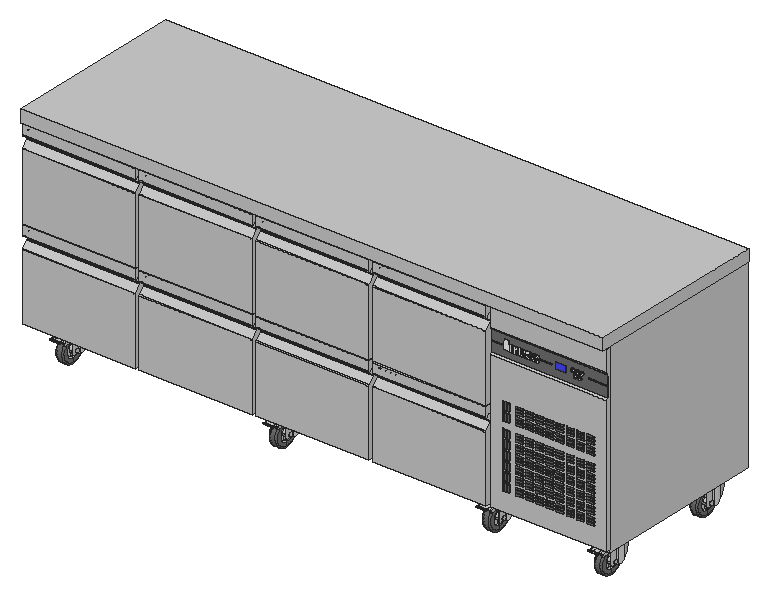
Revit family "QF_INOMAK_PNRP9999_250513010757", category Specialty Equipment, Revit 2021
Family settings
  Round Connector Dimension = Use Diameter
  Part Type = Normal
  OmniClass Number = 23.40.40.14
  OmniClass Title = Food Service Equipment
  Work Plane-Based = No
  Always vertical = Yes
  Cut with Voids When Loaded = No
  Shared = No
  Room Calculation Point = No
Parameters (values of type "PNRP9999")
  Weight [instance] = 162.00 kg
  Warranty Start Date [instance] = ""
  Warranty Duration [instance] = ""
  Volts [instance] = 230 V
  Volt Free Conn [instance] = no
  URL Recommended Spares List [instance] = ""
  URL Manufacturer [instance] = ""
  URL Cutsheet [instance] = ""
  URL Critical Spares List [instance] = ""
  URL = "www.inomak.com"
  Technical Documentation [instance] = ""
  Tag Number [instance] = ""
  Status [instance] = ""
  Start Up Current [instance] = 0 A
  Specification by User [instance] = ""
  Specification by Manufacturer [instance] = ""
  Sound Level [instance] = ""
  Show Logo [instance] = yes
  Show Clearances [instance] = yes
  Service Life Duration [instance] = ""
  Serial Number [instance] = ""
  Seismic Rating [instance] = ""
  SMACNA No [instance] = ""
  Revision Code [instance] = ""
  Revision [instance] = ""
  Production Year [instance] = ""
  Potential Equalisation [instance] = no
  Point Load [instance] = 0
  Phase [instance] = 1
  Other Equipment Approvals [instance] = ""
  Operational Current [instance] = 0 A
  Number of Poles [instance] = 2
  No Load Power Draw [instance] = no
  NAFEM Spec ID Number [instance] = ""
  Model Warning [instance] = ""
  Model = "PNRP9999"
  Min Ckt Ampacity [instance] = 0 A
  Max Overcurrent Protection [instance] = 10 A
  Masterspec [instance] = ""
  Manufacturer = "INOMAK"
  Main switch integrated [instance] = no
  Length Actual [instance] = 2242 mm
  Item Number [instance] = ""
  Installed By [instance] = ""
  Installation Date [instance] = ""
  Identify Quantity as Lot [instance] = no
  ID [instance] = ""
  Hygiene Approval [instance] = ""
  Height Actual [instance] = 900 mm
  HP power [instance] = ""
  Furnished By [instance] = ""
  Foodservice Equipment Identifier [instance] = no
  FL Amps [instance] = 1.94 A
  Electrical Remarks [instance] = ""
  Electric power [instance] = 450 W
  Electric Connection Type [instance] = ""
  Elec Conn RI Height [instance] = 0 mm
  Elec Conn Connection Height [instance] = 0 mm
  ETL Approved [instance] = no
  Description = "PINE REFRIGERATED COUNTER WITH 4 GN 1/1 DOORS"
  Depth Actual [instance] = 700 mm
  Default Elevation = 0 mm
  Cycle [instance] = 50 Hz
  Cost = 0
  Connection to energy optimisation system [instance] = yes
  Conn Plug [instance] = ""
  Conn Conduit [instance] = no
  Centralized building control system with digital interface [instance] = ""
  CSI MasterFormat [instance] = ""
  CE Approved [instance] = no
  Barcode [instance] = 0
  Author [instance] = ""
  Asset Identifier [instance] = ""
  Apparent Power [instance] = 450 VA
  Accessory [instance] = no
Reference planes
  plane 1 "Center (Front/Back)": y = 0
  plane 2: z = 0
  plane 3 "Center (Left/Right)": x = 0
Forms (mm)
  Extrusion 1, solid, not visible
    sketch origin (1835.09, -100.005, 132.006) x (1, 0, 0) y (0, 1, 0)
      loop
        line (-2, 2) -> (-2, -2) -> (2, -2) -> (2, 2) -> (-2, 2)
    from -2 to 2
Dimensions and locks
  locked: nested 2 to Extrusion 1 at 2  (x2)
  aligned and locked: level to plane 2
Nested families
  nested 1: "QF_INOMAK_REF_COUNTERS_2240_2920" at (0, 0, 130), type "PNRP9999"
    with Weight 162.00 kg, Warranty Start Date "", Warranty Duration "", URL Cutsheet "", Technical Documentation "", Tag Number "", Status "", Specification by User "", Specification by Manufacturer "", Sound Level "", Solid Fuel Type "", Show Clearances yes, Show Clearance yes, Service Life Duration "", Serial Number "", Seismic Rating "", SMACNA No "", Revision Code "", Revision "", Production Year "", Point Load 0, Other Equipment Approvals "", NAFEM Spec ID Number "", Model Warning "", Masterspec "", Length Actual 2242 mm, Item Number "", Installed By "", Installation Date "", Identify Quantity as Lot yes, ID "", Hygiene Approval "", Height Actual 900 mm, Furnished By "", Foodservice Equipment Identifier yes, Finish none, ETL Approved yes, Depth Actual 700 mm, CSI MasterFormat "", CE Approved yes, Barcode "", Author "", Asset Identifier "", Accessory no
  nested 2: "CONN_POINT_ELE_2D___Generic_Annotation" at (1835.09, -100.005, 130.006), type "CONN_POINT_ELE_2D___Generic_Annotation"
    with Onboard connection annotation symbol visibility yes
  nested 3: "QF_INOMAK_REF_COUNTERS_DOORS_DRAWERS_6956" at (0, -700, 130), type "DW-2-710"
    with Weight 0.00 kg, Warranty Start Date "", Warranty Duration "", URL Cutsheet "", Top inset 10 mm, Technical Documentation "", Tag Number "", Status "", Specification by User "", Specification by Manufacturer "", Sound Level "", Solid Fuel Type "", Show Logo yes, Show Clearances yes, Service Life Duration "", Serial Number "", Seismic Rating "", SMACNA No "", Right panel thickness 0 mm, Revision Code "", Revision "", Rear inset 0 mm, Production Year "", Point Load 0, Plinth height 0 mm, Other Equipment Approvals "", NAFEM Spec ID Number "", Model Warning "", Masterspec "", Length Actual 435 mm, Left panel thickness 0 mm, Item Number "", Installed By "", Installation Date "", Identify Quantity as Lot yes, ID "", Hygiene Approval "", Height Actual 710 mm, Furnished By "", Front inset 10 mm, Foodservice Equipment Identifier yes, Finish none, ETL Approved yes, Doors drawers type 4, Depth Actual 80 mm, CSI MasterFormat "", CE Approved yes, Bottom inset 10 mm, Barcode "", Author "", Asset Identifier "", Accessory yes
  nested 4: "QF_INOMAK_REF_COUNTERS_DOORS_DRAWERS_16448" at (450, -700, 130), type "DW-2-710"
    with Weight 0.00 kg, Warranty Start Date "", Warranty Duration "", URL Cutsheet "", Top inset 10 mm, Technical Documentation "", Tag Number "", Status "", Specification by User "", Specification by Manufacturer "", Sound Level "", Solid Fuel Type "", Show Logo yes, Show Clearances yes, Service Life Duration "", Serial Number "", Seismic Rating "", SMACNA No "", Right panel thickness 0 mm, Revision Code "", Revision "", Rear inset 0 mm, Production Year "", Point Load 0, Plinth height 0 mm, Other Equipment Approvals "", NAFEM Spec ID Number "", Model Warning "", Masterspec "", Length Actual 435 mm, Left panel thickness 0 mm, Item Number "", Installed By "", Installation Date "", Identify Quantity as Lot yes, ID "", Hygiene Approval "", Height Actual 710 mm, Furnished By "", Front inset 10 mm, Foodservice Equipment Identifier yes, Finish none, ETL Approved yes, Doors drawers type 4, Depth Actual 80 mm, CSI MasterFormat "", CE Approved yes, Bottom inset 10 mm, Barcode "", Author "", Asset Identifier "", Accessory yes
  nested 5: "QF_INOMAK_REF_COUNTERS_DOORS_DRAWERS_25919" at (900, -700, 130), type "DW-2-710"
    with Weight 0.00 kg, Warranty Start Date "", Warranty Duration "", URL Cutsheet "", Top inset 10 mm, Technical Documentation "", Tag Number "", Status "", Specification by User "", Specification by Manufacturer "", Sound Level "", Solid Fuel Type "", Show Logo yes, Show Clearances yes, Service Life Duration "", Serial Number "", Seismic Rating "", SMACNA No "", Right panel thickness 0 mm, Revision Code "", Revision "", Rear inset 0 mm, Production Year "", Point Load 0, Plinth height 0 mm, Other Equipment Approvals "", NAFEM Spec ID Number "", Model Warning "", Masterspec "", Length Actual 435 mm, Left panel thickness 0 mm, Item Number "", Installed By "", Installation Date "", Identify Quantity as Lot yes, ID "", Hygiene Approval "", Height Actual 710 mm, Furnished By "", Front inset 10 mm, Foodservice Equipment Identifier yes, Finish none, ETL Approved yes, Doors drawers type 4, Depth Actual 80 mm, CSI MasterFormat "", CE Approved yes, Bottom inset 10 mm, Barcode "", Author "", Asset Identifier "", Accessory yes
  nested 6: "QF_INOMAK_REF_COUNTERS_DOORS_DRAWERS_35390" at (1350, -700, 130), type "DW-2-710"
    with Weight 0.00 kg, Warranty Start Date "", Warranty Duration "", URL Cutsheet "", Top inset 10 mm, Technical Documentation "", Tag Number "", Status "", Specification by User "", Specification by Manufacturer "", Sound Level "", Solid Fuel Type "", Show Logo yes, Show Clearances yes, Service Life Duration "", Serial Number "", Seismic Rating "", SMACNA No "", Right panel thickness 0 mm, Revision Code "", Revision "", Rear inset 0 mm, Production Year "", Point Load 0, Plinth height 0 mm, Other Equipment Approvals "", NAFEM Spec ID Number "", Model Warning "", Masterspec "", Length Actual 435 mm, Left panel thickness 0 mm, Item Number "", Installed By "", Installation Date "", Identify Quantity as Lot yes, ID "", Hygiene Approval "", Height Actual 710 mm, Furnished By "", Front inset 10 mm, Foodservice Equipment Identifier yes, Finish none, ETL Approved yes, Doors drawers type 4, Depth Actual 80 mm, CSI MasterFormat "", CE Approved yes, Bottom inset 10 mm, Barcode "", Author "", Asset Identifier "", Accessory yes
  nested 7: "QF_INOMAK_REF_COUNTERS_WORKTOPS_44861" at (0, 0, 840), type "WTWT-2240-700"
    with Worktop without backsplash yes, Worktop with backsplash no, Worktop type 3, Worktop thickness 46 mm, Without worktop no, Weight 0.00 kg, Warranty Start Date "", Warranty Duration "", URL Cutsheet "", Technical Documentation "", Tag Number "", Status "", Specification by User "", Specification by Manufacturer "", Sound Level "", Solid Fuel Type "", Show Logo yes, Show Clearances yes, Service Life Duration "", Serial Number "", Seismic Rating "", SMACNA No "", Revision Code "", Revision "", Production Year "", Point Load 0, Other Equipment Approvals "", NAFEM Spec ID Number "", Model Warning "", Masterspec "", Length Actual 2242 mm, Item Number "", Installed By "", Installation Date "", Identify Quantity as Lot yes, ID "", Hygiene Approval "", Height Actual 46 mm, Height AFF 0 mm, Furnished By "", Foodservice Equipment Identifier yes, Finish none, ETL Approved yes, Depth Actual 700 mm, CSI MasterFormat "", CE Approved yes, Barcode "", Backsplash thickness 20 mm, Backsplash height 60 mm, Author "", Asset Identifier "", Accessory yes
  nested 8: "QF_INOMAK_REF_COUNTERS_CASTORS_46688" at (0, 0, 0), type "CT-2240-700"
    with Weight 0.00 kg, Warranty Start Date "", Warranty Duration "", URL Cutsheet "", Technical Documentation "", Tag Number "", Status "", Specification by User "", Specification by Manufacturer "", Sound Level "", Solid Fuel Type "", Show Logo yes, Show Clearances yes, Service Life Duration "", Serial Number "", Seismic Rating "", SMACNA No "", Revision Code "", Revision "", Production Year "", Point Load 0, Other Equipment Approvals "", NAFEM Spec ID Number "", Model Warning "", Masterspec "", Length Actual 2242 mm, Item Number "", Installed By "", Installation Date "", Identify Quantity as Lot yes, ID "", Hygiene Approval "", Height Actual 130 mm, Furnished By "", Foodservice Equipment Identifier yes, ETL Approved yes, Depth Actual 700 mm, CSI MasterFormat "", CE Approved yes, Barcode "", Author "", Asset Identifier "", Accessory yes
Connectors
  electrical at (1835.09, -100.005, 130.006), driven by "Apparent Power", driven by "Number of Poles", driven by "Volts"
    settings: on Extrusion 1, index 1, voltage 230 V, apparent load 0 VA, apparent load phase1 450 VA, apparent load phase2 0 VA, apparent load phase3 0 VA, power factor 1, load classification "Other", number of poles 2, system type 31, power factor state 1, is connector primary yes, connector utility no, sub classification motor no, connector description "Electrical connection for PNRP9999"
Definition of nested family "QF_INOMAK_REF_COUNTERS_2240_2920"
  Parameters (values of type "PNRP9999")
    Weight [instance] = 0.00 kg
    Warranty Start Date [instance] = ""
    Warranty Duration [instance] = ""
    URL Cutsheet [instance] = ""
    URL = "www.inomak.com"
    Technical Documentation [instance] = ""
    Tag Number [instance] = ""
    Status [instance] = ""
    Specification by User [instance] = ""
    Specification by Manufacturer [instance] = ""
    Sound Level [instance] = ""
    Solid Fuel Type [instance] = ""
    Show Logo = yes
    Show Clearances [instance] = yes
    Show Clearance [instance] = yes
    Service Life Duration [instance] = ""
    Serial Number [instance] = ""
    Seismic Rating [instance] = ""
    SMACNA No [instance] = ""
    Revision Code [instance] = ""
    Revision [instance] = ""
    Production Year [instance] = ""
    Point Load [instance] = 0
    Other Equipment Approvals [instance] = ""
    NAFEM Spec ID Number [instance] = ""
    Model Warning [instance] = ""
    Model = "PNRP9999"
    Masterspec [instance] = ""
    Manufacturer = "INOMAK"
    Length Actual [instance] = 0 mm
    Length = 2242 mm
    Item Number [instance] = ""
    Installed By [instance] = ""
    Installation Date [instance] = ""
    Identify Quantity as Lot [instance] = yes
    ID [instance] = ""
    Hygiene Approval [instance] = ""
    Height Actual [instance] = 0 mm
    Height = 710 mm
    Furnished By [instance] = ""
    Foodservice Equipment Identifier [instance] = yes
    Finish [instance] = none
    ETL Approved [instance] = yes
    Description = "PINE REFRIGERATED COUNTER WITH 4 GN 1/1 DOORS"
    Depth Actual [instance] = 0 mm
    Depth = 700 mm
    Default Elevation = 0 mm
    CSI MasterFormat [instance] = ""
    CE Approved [instance] = yes
    Barcode [instance] = ""
    Author [instance] = ""
    Asset Identifier [instance] = ""
    Assembly Code = "E1090320"
    Accessory [instance] = yes
  Types (2, lengths in mm): name | Model | Description | Depth
    PNRP9999 | "PNRP9999" | "PINE REFRIGERATED COUNTER WITH 4 GN 1/1 DOORS" | 700
    PMRP9999 | "PMRP9999" | "CLOVER CHILLER COUNTER WITH 4 DOORS, COMPACT DIMENSIONS" | 600
  Reference planes
    plane 1 "Back": y = 0
    plane 2: z = 0
    plane 3 "Left": x = 0
    plane 4 "Right": x = 2242
    plane 5 "Front": y = -700
    plane 6 "Top": z = 710
  Forms (mm)
    Extrusion 1, solid, material <- "Finish"
      sketch origin (0, 0, 0) x (1, 0, 0) y (0, 1, 0)
        loop
          line (0, -648) -> (30, -648) -> (30, -30) -> (1767, -30) -> (1767, -648) -> (1797, -648) -> (1797, -665) -> (2242, -665) -> (2242, 0) -> (0, 0) -> (0, -648)
      from 0 to 710
    Extrusion 2, solid, material <- "Finish"
      sketch origin (0, 0, 0) x (1, 0, 0) y (0, 1, 0)
        loop
          line (30, -30) -> (30, -648) -> (1767, -648) -> (1767, -30) -> (30, -30)
      from 0 to 45
    Extrusion 3, solid, material <- "Finish"
      sketch origin (0, 0, 710) x (0, 1, 0) y (-1, 0, 0)
        loop
          line (-30, -30) -> (-648, -30) -> (-648, -1767) -> (-30, -1767) -> (-30, -30)
      from 0 to -30
    Extrusion 4, solid, material <- "Finish"
      sketch origin (2242, 0, 0) x (0, -1, 0) y (0, 0, 1)
        loop
          line (683.05, 705) -> (665, 705) -> (665, 10) -> (683.05, 10) -> (683.05, 532.058) -> (676.05, 539.058) -> (676.05, 618.864) -> (683.05, 625.864) -> (683.05, 705)
      from 0 to 445
    Extrusion 5, solid
      sketch origin (0, -700, 0) x (-1, 0, 0) y (0, 0, 1)
        loop
          circle (-2108.654, 586.73) r 6.965
        loop
          circle (-2125.685, 586.73) r 6.965
        loop
          circle (-2142.694, 586.73) r 6.965
        loop
          circle (-2117.18, 568.729) r 6.965
        loop
          circle (-2134.189, 568.729) r 6.965
        loop
          circle (-2108.654, 586.73) r 3.965
        loop
          circle (-2125.685, 586.73) r 3.965
        loop
          circle (-2142.694, 586.73) r 3.965
        loop
          circle (-2117.18, 568.729) r 3.965
        loop
          circle (-2134.189, 568.729) r 3.965
      from 23 to 25.5
    Extrusion 6, solid
      sketch origin (0, -700, 0) x (-1, 0, 0) y (0, 0, 1)
        loop
          line (-2080.865, 590.461) -> (-2080.865, 567.461) -> (-2040.865, 567.461) -> (-2040.865, 590.461) -> (-2080.865, 590.461)
      from 23 to 25.5
    Extrusion 7, solid
      sketch origin (0, -700, 0) x (-1, 0, 0) y (0, 0, 1)
        loop
          line (-1797, 618.864) -> (-2242, 618.864) -> (-2242, 539.058) -> (-1797, 539.058) -> (-1797, 618.864)
      from 23.5 to 25.5
    Extrusion 8, solid, visible <- "Show Logo"
      sketch origin (0, -700, 0) x (-1, 0, 0) y (0, 0, 1)
        loop
          line (-1841.061, 591.01) -> (-1847.061, 591.01) -> (-1847.061, 602.118) -> (-1861.298, 602.118) -> (-1861.298, 591.01) -> (-1867.298, 591.01) -> (-1867.298, 564.76) -> (-1841.061, 564.76) -> (-1841.061, 591.01)
        loop
          line (-1871.613, 590.698) -> (-1878.903, 590.698) -> (-1878.903, 564.76) -> (-1871.613, 564.76) -> (-1871.613, 590.698)
        loop
          line (-1881.422, 564.76) -> (-1881.422, 590.698) -> (-1888.256, 590.698) -> (-1891.449, 578.78) -> (-1891.449, 590.698) -> (-1897.982, 590.698) -> (-1897.982, 564.76) -> (-1891.449, 564.76) -> (-1887.735, 578.623) -> (-1887.735, 564.76) -> (-1881.422, 564.76)
        loop
          line (-1918.664, 564.76) -> (-1918.664, 590.698) -> (-1927.626, 590.698) -> (-1929.988, 576.688) -> (-1932.35, 590.698) -> (-1941.312, 590.698) -> (-1941.312, 564.76) -> (-1934.687, 564.76) -> (-1934.687, 578.623) -> (-1932.35, 564.76) -> (-1927.626, 564.76) -> (-1925.289, 578.623) -> (-1925.289, 564.76) -> (-1918.664, 564.76)
        loop
          line (-1903.851, 590.698) -> (-1913.176, 590.698)
          arc (-1913.176, 590.698) -> (-1915.773, 589.622) -> (-1916.849, 587.026) r 3.672
          line (-1916.849, 587.026) -> (-1916.849, 568.433)
          arc (-1916.849, 568.433) -> (-1915.773, 565.836) -> (-1913.176, 564.76) r 3.672
          line (-1913.176, 564.76) -> (-1903.851, 564.76)
          arc (-1903.851, 564.76) -> (-1901.255, 565.836) -> (-1900.179, 568.433) r 3.672
          line (-1900.179, 568.433) -> (-1900.179, 587.026)
          arc (-1900.179, 587.026) -> (-1901.255, 589.622) -> (-1903.851, 590.698) r 3.672
        loop
          arc (-1907.487, 587.542) -> (-1908.514, 588.569) -> (-1909.541, 587.542) r 1.027
          line (-1909.541, 587.542) -> (-1909.541, 568.949)
          arc (-1909.541, 568.949) -> (-1908.514, 567.922) -> (-1907.487, 568.949) r 1.027
          line (-1907.487, 568.949) -> (-1907.487, 587.542)
        loop
          line (-1942.382, 564.76) -> (-1946.755, 590.698) -> (-1955.615, 590.698) -> (-1959.988, 564.76) -> (-1953.461, 564.76) -> (-1952.852, 569.723) -> (-1949.518, 569.723) -> (-1948.909, 564.76) -> (-1942.382, 564.76)
        loop
          line (-1950.074, 574.252) -> (-1951.185, 583.299) -> (-1952.296, 574.252) -> (-1950.074, 574.252)
        loop
          line (-1960.954, 564.76) -> (-1960.954, 590.698) -> (-1967.579, 590.698) -> (-1967.579, 581.585) -> (-1970.365, 590.698) -> (-1977.803, 590.698) -> (-1973.474, 579.422) -> (-1978.522, 564.76) -> (-1970.939, 564.76) -> (-1967.579, 577.3) -> (-1967.579, 564.76) -> (-1960.954, 564.76)
      from 23 to 25.5
    Extrusion 9, solid
      sketch origin (0, -700, 0) x (-1, 0, 0) y (0, 0, 1)
        loop
          line (-1797, 580.961) -> (-1833.995, 580.961) -> (-1833.995, 576.961) -> (-1797, 576.961) -> (-1797, 580.961)
        loop
          line (-1982, 580.961) -> (-2026.365, 580.961) -> (-2026.365, 576.961) -> (-1982, 576.961) -> (-1982, 580.961)
        loop
          line (-2242, 580.961) -> (-2242, 576.961) -> (-2168.755, 576.961) -> (-2168.755, 580.961) -> (-2242, 580.961)
      from 23 to 25.5
  Cuts and joins
    joined: Extrusion 1, Extrusion 2, Extrusion 3
  Lines and regions (mm)
    symbolic lines, visible <- "Show Clearance"
      curve 1: line (0, 0, 0) -> (2242, 0, 0)
      curve 2: line (2242, 0, 0) -> (2242, -700, 0)
      curve 3: line (2242, -700, 0) -> (0, -700, 0)
      curve 4: line (0, -700, 0) -> (0, 0, 0)
  Dimensions and locks
    "Length": plane 3 "Left" to plane 4 "Right"
    "Depth": plane 5 "Front" to plane 1 "Back"
    "Height": plane 6 "Top" to plane 2
    aligned and locked: level to plane 2
    aligned and locked: plane 6 "Top" to Extrusion 1
    aligned and locked: nested 1 to plane 4 "Right"
    aligned and locked: plane 5 "Front" to nested 1
    aligned and locked: plane 5 "Front" to curve 3
  Automatic sketch dimensions
    plane 3 "Left" to Extrusion 2 sketch curve = 30 mm
    plane 4 "Right" to Extrusion 2 sketch curve = 475 mm
    plane 1 "Back" to Extrusion 2 sketch curve = 30 mm
    plane 1 "Back" to Extrusion 3 sketch curve = 30 mm
    plane 4 "Right" to Extrusion 3 sketch curve = 475 mm
    plane 3 "Left" to Extrusion 3 sketch curve = 30 mm
    Extrusion 1 sketch curve to plane 3 "Left" = 0 mm
    plane 1 "Back" to Extrusion 1 sketch curve = 0 mm
    Extrusion 1 sketch curve to plane 4 "Right" = 0 mm
    plane 3 "Left" to Extrusion 1 sketch curve = 30 mm
    plane 1 "Back" to Extrusion 1 sketch curve = 30 mm
    plane 4 "Right" to Extrusion 1 sketch curve = 475 mm
    Extrusion 1 sketch curve to Extrusion 1 sketch curve = 30 mm
    plane 5 "Front" to Extrusion 1 sketch curve = 35 mm
    plane 5 "Front" to Extrusion 1 sketch curve = 52 mm
    Extrusion 1 sketch curve to Extrusion 1 sketch curve = 17 mm
    plane 5 "Front" to Extrusion 2 sketch curve = 52 mm
    plane 5 "Front" to Extrusion 3 sketch curve = 52 mm
    Extrusion 4 sketch curve to plane 6 "Top" = 5 mm
    plane 5 "Front" to Extrusion 4 sketch curve = 35 mm
    plane 5 "Front" to Extrusion 4 sketch curve = 23.95 mm
    Extrusion 4 sketch curve to Extrusion 4 sketch curve = 7 mm  (x4)
    Extrusion 4 sketch curve to Extrusion 4 sketch curve = 79.136 mm
    Extrusion 4 sketch curve to Extrusion 4 sketch curve = 79.807 mm
    level to Extrusion 4 sketch curve = 10 mm
    Extrusion 5 sketch curve to Extrusion 5 sketch curve = 0 mm  (x13)
    plane 4 "Right" to Extrusion 5 sketch curve = 99.306 mm
    Extrusion 5 sketch curve to Extrusion 5 sketch curve = 8.505 mm
    Extrusion 5 sketch curve to Extrusion 5 sketch curve = 17.009 mm  (x2)
    Extrusion 5 sketch curve to Extrusion 5 sketch curve = 17.03 mm
    Extrusion 5 sketch curve to plane 6 "Top" = 141.271 mm
    Extrusion 5 sketch curve to Extrusion 5 sketch curve = 18.001 mm
    plane 4 "Right" to Extrusion 6 sketch curve = 161.135 mm
    Extrusion 6 sketch curve to Extrusion 6 sketch curve = 40 mm
    Extrusion 6 sketch curve to plane 6 "Top" = 142.539 mm
    Extrusion 6 sketch curve to Extrusion 6 sketch curve = 23 mm
    plane 4 "Right" to Extrusion 7 sketch curve = 0 mm
    Extrusion 7 sketch curve to plane 6 "Top" = 170.942 mm
    plane 4 "Right" to Extrusion 7 sketch curve = 445 mm
    Extrusion 7 sketch curve to Extrusion 7 sketch curve = 79.807 mm
    plane 4 "Right" to Extrusion 8 sketch curve = 263.478 mm
    Extrusion 8 sketch curve to Extrusion 8 sketch curve = 0.72 mm
    Extrusion 8 sketch curve to plane 6 "Top" = 130.578 mm
    Extrusion 8 sketch curve to Extrusion 8 sketch curve = 4.329 mm
    Extrusion 8 sketch curve to Extrusion 8 sketch curve = 7.584 mm
    Extrusion 8 sketch curve to plane 6 "Top" = 119.302 mm  (x2)
    Extrusion 8 sketch curve to Extrusion 8 sketch curve = 7.438 mm
    Extrusion 8 sketch curve to plane 6 "Top" = 132.7 mm
    Extrusion 8 sketch curve to Extrusion 8 sketch curve = 5.895 mm
    Extrusion 8 sketch curve to plane 6 "Top" = 128.415 mm
    Extrusion 8 sketch curve to Extrusion 8 sketch curve = 0 mm  (x11)
    Extrusion 8 sketch curve to Extrusion 8 sketch curve = 6.625 mm  (x2)
    Extrusion 8 sketch curve to Extrusion 8 sketch curve = 0.965 mm
    Extrusion 8 sketch curve to Extrusion 8 sketch curve = 5.338 mm
    Extrusion 8 sketch curve to Extrusion 8 sketch curve = 6.527 mm  (x2)
    Extrusion 8 sketch curve to plane 6 "Top" = 140.277 mm
    Extrusion 8 sketch curve to Extrusion 8 sketch curve = 0.609 mm
    Extrusion 8 sketch curve to plane 6 "Top" = 135.748 mm
    Extrusion 8 sketch curve to Extrusion 8 sketch curve = 0.556 mm
    Extrusion 8 sketch curve to plane 6 "Top" = 126.701 mm
    Extrusion 8 sketch curve to Extrusion 8 sketch curve = 4.43 mm  (x2)
    Extrusion 8 sketch curve to Extrusion 8 sketch curve = 2.222 mm
    Extrusion 8 sketch curve to Extrusion 8 sketch curve = 3.334 mm
    Extrusion 8 sketch curve to Extrusion 8 sketch curve = 4.552 mm
    Extrusion 8 sketch curve to plane 6 "Top" = 145.24 mm  (x2)
    Extrusion 8 sketch curve to Extrusion 8 sketch curve = 1.069 mm
    Extrusion 8 sketch curve to plane 6 "Top" = 131.377 mm  (x2)
    Extrusion 8 sketch curve to Extrusion 8 sketch curve = 8.962 mm  (x2)
    Extrusion 8 sketch curve to Extrusion 8 sketch curve = 2.337 mm
    Extrusion 8 sketch curve to plane 6 "Top" = 133.312 mm
    Extrusion 8 sketch curve to Extrusion 8 sketch curve = 4.699 mm  (x2)
    Extrusion 8 sketch curve to Extrusion 8 sketch curve = 4.724 mm  (x2)
    Extrusion 8 sketch curve to Extrusion 8 sketch curve = 1.815 mm
    Extrusion 8 sketch curve to Extrusion 8 sketch curve = 3.672 mm  (x8)
    Extrusion 8 sketch curve to Extrusion 8 sketch curve = 3.636 mm  (x3)
    Extrusion 8 sketch curve to Extrusion 8 sketch curve = 1.027 mm
    Extrusion 8 sketch curve to Extrusion 8 sketch curve = 2.197 mm
    Extrusion 8 sketch curve to Extrusion 8 sketch curve = 6.532 mm  (x2)
    Extrusion 8 sketch curve to Extrusion 8 sketch curve = 3.194 mm
    Extrusion 8 sketch curve to Extrusion 8 sketch curve = 3.714 mm
    Extrusion 8 sketch curve to Extrusion 8 sketch curve = 6.312 mm
    Extrusion 8 sketch curve to Extrusion 8 sketch curve = 2.52 mm
    Extrusion 8 sketch curve to Extrusion 8 sketch curve = 7.29 mm
    Extrusion 8 sketch curve to Extrusion 8 sketch curve = 4.315 mm
    Extrusion 8 sketch curve to Extrusion 8 sketch curve = 6 mm
    Extrusion 8 sketch curve to Extrusion 8 sketch curve = 14.237 mm
    Extrusion 8 sketch curve to Extrusion 8 sketch curve = 26.237 mm
    Extrusion 8 sketch curve to Extrusion 8 sketch curve = 14.661 mm
    Extrusion 8 sketch curve to Extrusion 8 sketch curve = 4.963 mm
    Extrusion 8 sketch curve to Extrusion 8 sketch curve = 0.516 mm  (x2)
    Extrusion 8 sketch curve to Extrusion 8 sketch curve = 13.862 mm
    Extrusion 8 sketch curve to Extrusion 8 sketch curve = 0.157 mm
    Extrusion 8 sketch curve to Extrusion 8 sketch curve = 26.25 mm
    Extrusion 8 sketch curve to Extrusion 8 sketch curve = 0.312 mm
    Extrusion 8 sketch curve to Extrusion 8 sketch curve = 11.107 mm
    plane 4 "Right" to Extrusion 9 sketch curve = 0 mm
    plane 4 "Right" to Extrusion 9 sketch curve = 73.245 mm
    Extrusion 9 sketch curve to Extrusion 9 sketch curve = 142.39 mm
    Extrusion 9 sketch curve to Extrusion 9 sketch curve = 44.365 mm
    Extrusion 9 sketch curve to Extrusion 9 sketch curve = 148.005 mm
    Extrusion 9 sketch curve to Extrusion 9 sketch curve = 36.995 mm
    Extrusion 9 sketch curve to plane 6 "Top" = 133.039 mm  (x3)
    Extrusion 9 sketch curve to Extrusion 9 sketch curve = 4 mm  (x3)
    plane 1 "Back" to curve 1 = 0 mm
    curve 1 to plane 3 "Left" = 0 mm
    curve 2 to plane 4 "Right" = 0 mm
    radius of Extrusion 5 sketch curve = 6.965 mm  (x5)
    radius of Extrusion 5 sketch curve = 3.965 mm  (x5)
  Nested families
    nested 1: "QF_INOMAK_CONRTOL-PANEL" at (2242, 0, 0), type "PNRP9999"
      with Show Clearance yes
  Definition of nested family "QF_INOMAK_CONRTOL-PANEL"
    Parameters (values of type "PNRP9999")
      URL = ""
      Show Logo = yes
      Show Clearance [instance] = yes
      Model = ""
      Manufacturer = ""
      Length = 0 mm
      Height = 710 mm
      Front offset = 80 mm
      Description = ""
      Depth = 700 mm
      Default Elevation = 0 mm
      Assembly Code = ""
    Reference planes
      plane 1 "Back": y = 0
      plane 2: z = 0
      plane 3 "Left": x = 0
      plane 4 "Right": x = 0
      plane 5 "Front": y = -700
      plane 6 "Top": z = 710
      plane 7 "Front offset": y = -620
    Forms (mm)
      Extrusion 1, solid
        sketch origin (-2240, -700, 0) x (-1, 0, 0) y (0, 0, 1)
          loop
            arc (-2191.4, 389.855) -> (-2194.4, 386.855) -> (-2191.4, 383.855) r 3
            line (-2191.4, 383.855) -> (-2167.4, 383.855)
            arc (-2167.4, 383.855) -> (-2164.4, 386.855) -> (-2167.4, 389.855) r 3
            line (-2167.4, 389.855) -> (-2191.4, 389.855)
          loop
            arc (-2152.4, 389.855) -> (-2155.4, 386.855) -> (-2152.4, 383.855) r 3
            line (-2152.4, 383.855) -> (-2128.4, 383.855)
            arc (-2128.4, 383.855) -> (-2125.4, 386.855) -> (-2128.4, 389.855) r 3
            line (-2128.4, 389.855) -> (-2152.4, 389.855)
          loop
            arc (-2113.4, 389.855) -> (-2116.4, 386.855) -> (-2113.4, 383.855) r 3
            line (-2113.4, 383.855) -> (-2089.4, 383.855)
            arc (-2089.4, 383.855) -> (-2086.4, 386.855) -> (-2089.4, 389.855) r 3
            line (-2089.4, 389.855) -> (-2113.4, 389.855)
          loop
            arc (-2074.4, 389.855) -> (-2077.4, 386.855) -> (-2074.4, 383.855) r 3
            line (-2074.4, 383.855) -> (-2050.4, 383.855)
            arc (-2050.4, 383.855) -> (-2047.4, 386.855) -> (-2050.4, 389.855) r 3
            line (-2050.4, 389.855) -> (-2074.4, 389.855)
          loop
            arc (-2035.4, 389.855) -> (-2038.4, 386.855) -> (-2035.4, 383.855) r 3
            line (-2035.4, 383.855) -> (-2011.4, 383.855)
            arc (-2011.4, 383.855) -> (-2008.4, 386.855) -> (-2011.4, 389.855) r 3
            line (-2011.4, 389.855) -> (-2035.4, 389.855)
          loop
            arc (-1996.4, 389.855) -> (-1999.4, 386.855) -> (-1996.4, 383.855) r 3
            line (-1996.4, 383.855) -> (-1972.4, 383.855)
            arc (-1972.4, 383.855) -> (-1969.4, 386.855) -> (-1972.4, 389.855) r 3
            line (-1972.4, 389.855) -> (-1996.4, 389.855)
          loop
            arc (-1957.4, 389.855) -> (-1960.4, 386.855) -> (-1957.4, 383.855) r 3
            line (-1957.4, 383.855) -> (-1933.4, 383.855)
            arc (-1933.4, 383.855) -> (-1930.4, 386.855) -> (-1933.4, 389.855) r 3
            line (-1933.4, 389.855) -> (-1957.4, 389.855)
          loop
            arc (-1918.4, 389.855) -> (-1921.4, 386.855) -> (-1918.4, 383.855) r 3
            line (-1918.4, 383.855) -> (-1894.4, 383.855)
            arc (-1894.4, 383.855) -> (-1891.4, 386.855) -> (-1894.4, 389.855) r 3
            line (-1894.4, 389.855) -> (-1918.4, 389.855)
          loop
            arc (-2191.4, 378.855) -> (-2194.4, 375.855) -> (-2191.4, 372.855) r 3
            line (-2191.4, 372.855) -> (-2167.4, 372.855)
            arc (-2167.4, 372.855) -> (-2164.4, 375.855) -> (-2167.4, 378.855) r 3
            line (-2167.4, 378.855) -> (-2191.4, 378.855)
          loop
            arc (-2152.4, 378.855) -> (-2155.4, 375.855) -> (-2152.4, 372.855) r 3
            line (-2152.4, 372.855) -> (-2128.4, 372.855)
            arc (-2128.4, 372.855) -> (-2125.4, 375.855) -> (-2128.4, 378.855) r 3
            line (-2128.4, 378.855) -> (-2152.4, 378.855)
          loop
            arc (-2113.4, 378.855) -> (-2116.4, 375.855) -> (-2113.4, 372.855) r 3
            line (-2113.4, 372.855) -> (-2089.4, 372.855)
            arc (-2089.4, 372.855) -> (-2086.4, 375.855) -> (-2089.4, 378.855) r 3
            line (-2089.4, 378.855) -> (-2113.4, 378.855)
          loop
            arc (-2074.4, 378.855) -> (-2077.4, 375.855) -> (-2074.4, 372.855) r 3
            line (-2074.4, 372.855) -> (-2050.4, 372.855)
            arc (-2050.4, 372.855) -> (-2047.4, 375.855) -> (-2050.4, 378.855) r 3
            line (-2050.4, 378.855) -> (-2074.4, 378.855)
          loop
            arc (-2035.4, 378.855) -> (-2038.4, 375.855) -> (-2035.4, 372.855) r 3
            line (-2035.4, 372.855) -> (-2011.4, 372.855)
            arc (-2011.4, 372.855) -> (-2008.4, 375.855) -> (-2011.4, 378.855) r 3
            line (-2011.4, 378.855) -> (-2035.4, 378.855)
          loop
            arc (-1996.4, 378.855) -> (-1999.4, 375.855) -> (-1996.4, 372.855) r 3
            line (-1996.4, 372.855) -> (-1972.4, 372.855)
            arc (-1972.4, 372.855) -> (-1969.4, 375.855) -> (-1972.4, 378.855) r 3
            line (-1972.4, 378.855) -> (-1996.4, 378.855)
          loop
            arc (-1957.4, 378.855) -> (-1960.4, 375.855) -> (-1957.4, 372.855) r 3
            line (-1957.4, 372.855) -> (-1933.4, 372.855)
            arc (-1933.4, 372.855) -> (-1930.4, 375.855) -> (-1933.4, 378.855) r 3
            line (-1933.4, 378.855) -> (-1957.4, 378.855)
          loop
            arc (-1918.4, 378.855) -> (-1921.4, 375.855) -> (-1918.4, 372.855) r 3
            line (-1918.4, 372.855) -> (-1894.4, 372.855)
            arc (-1894.4, 372.855) -> (-1891.4, 375.855) -> (-1894.4, 378.855) r 3
            line (-1894.4, 378.855) -> (-1918.4, 378.855)
          loop
            arc (-2191.4, 367.855) -> (-2194.4, 364.855) -> (-2191.4, 361.855) r 3
            line (-2191.4, 361.855) -> (-2167.4, 361.855)
            arc (-2167.4, 361.855) -> (-2164.4, 364.855) -> (-2167.4, 367.855) r 3
            line (-2167.4, 367.855) -> (-2191.4, 367.855)
          loop
            arc (-2152.4, 367.855) -> (-2155.4, 364.855) -> (-2152.4, 361.855) r 3
            line (-2152.4, 361.855) -> (-2128.4, 361.855)
            arc (-2128.4, 361.855) -> (-2125.4, 364.855) -> (-2128.4, 367.855) r 3
            line (-2128.4, 367.855) -> (-2152.4, 367.855)
          loop
            arc (-2113.4, 367.855) -> (-2116.4, 364.855) -> (-2113.4, 361.855) r 3
            line (-2113.4, 361.855) -> (-2089.4, 361.855)
            arc (-2089.4, 361.855) -> (-2086.4, 364.855) -> (-2089.4, 367.855) r 3
            line (-2089.4, 367.855) -> (-2113.4, 367.855)
          loop
            arc (-2074.4, 367.855) -> (-2077.4, 364.855) -> (-2074.4, 361.855) r 3
            line (-2074.4, 361.855) -> (-2050.4, 361.855)
            arc (-2050.4, 361.855) -> (-2047.4, 364.855) -> (-2050.4, 367.855) r 3
            line (-2050.4, 367.855) -> (-2074.4, 367.855)
          loop
            arc (-2035.4, 367.855) -> (-2038.4, 364.855) -> (-2035.4, 361.855) r 3
            line (-2035.4, 361.855) -> (-2011.4, 361.855)
            arc (-2011.4, 361.855) -> (-2008.4, 364.855) -> (-2011.4, 367.855) r 3
            line (-2011.4, 367.855) -> (-2035.4, 367.855)
          loop
            arc (-1996.4, 367.855) -> (-1999.4, 364.855) -> (-1996.4, 361.855) r 3
            line (-1996.4, 361.855) -> (-1972.4, 361.855)
            arc (-1972.4, 361.855) -> (-1969.4, 364.855) -> (-1972.4, 367.855) r 3
            line (-1972.4, 367.855) -> (-1996.4, 367.855)
          loop
            arc (-1957.4, 367.855) -> (-1960.4, 364.855) -> (-1957.4, 361.855) r 3
            line (-1957.4, 361.855) -> (-1933.4, 361.855)
            arc (-1933.4, 361.855) -> (-1930.4, 364.855) -> (-1933.4, 367.855) r 3
            line (-1933.4, 367.855) -> (-1957.4, 367.855)
          loop
            arc (-1918.4, 367.855) -> (-1921.4, 364.855) -> (-1918.4, 361.855) r 3
            line (-1918.4, 361.855) -> (-1894.4, 361.855)
            arc (-1894.4, 361.855) -> (-1891.4, 364.855) -> (-1894.4, 367.855) r 3
            line (-1894.4, 367.855) -> (-1918.4, 367.855)
          loop
            arc (-2191.4, 352.855) -> (-2194.4, 349.855) -> (-2191.4, 346.855) r 3
            line (-2191.4, 346.855) -> (-2167.4, 346.855)
            arc (-2167.4, 346.855) -> (-2164.4, 349.855) -> (-2167.4, 352.855) r 3
            line (-2167.4, 352.855) -> (-2191.4, 352.855)
          loop
            arc (-2152.4, 352.855) -> (-2155.4, 349.855) -> (-2152.4, 346.855) r 3
            line (-2152.4, 346.855) -> (-2128.4, 346.855)
            arc (-2128.4, 346.855) -> (-2125.4, 349.855) -> (-2128.4, 352.855) r 3
            line (-2128.4, 352.855) -> (-2152.4, 352.855)
          loop
            arc (-2113.4, 352.855) -> (-2116.4, 349.855) -> (-2113.4, 346.855) r 3
            line (-2113.4, 346.855) -> (-2089.4, 346.855)
            arc (-2089.4, 346.855) -> (-2086.4, 349.855) -> (-2089.4, 352.855) r 3
            line (-2089.4, 352.855) -> (-2113.4, 352.855)
          loop
            arc (-2074.4, 352.855) -> (-2077.4, 349.855) -> (-2074.4, 346.855) r 3
            line (-2074.4, 346.855) -> (-2050.4, 346.855)
            arc (-2050.4, 346.855) -> (-2047.4, 349.855) -> (-2050.4, 352.855) r 3
            line (-2050.4, 352.855) -> (-2074.4, 352.855)
          loop
            arc (-2035.4, 352.855) -> (-2038.4, 349.855) -> (-2035.4, 346.855) r 3
            line (-2035.4, 346.855) -> (-2011.4, 346.855)
            arc (-2011.4, 346.855) -> (-2008.4, 349.855) -> (-2011.4, 352.855) r 3
            line (-2011.4, 352.855) -> (-2035.4, 352.855)
          loop
            arc (-1996.4, 352.855) -> (-1999.4, 349.855) -> (-1996.4, 346.855) r 3
            line (-1996.4, 346.855) -> (-1972.4, 346.855)
            arc (-1972.4, 346.855) -> (-1969.4, 349.855) -> (-1972.4, 352.855) r 3
            line (-1972.4, 352.855) -> (-1996.4, 352.855)
          loop
            arc (-1957.4, 352.855) -> (-1960.4, 349.855) -> (-1957.4, 346.855) r 3
            line (-1957.4, 346.855) -> (-1933.4, 346.855)
            arc (-1933.4, 346.855) -> (-1930.4, 349.855) -> (-1933.4, 352.855) r 3
            line (-1933.4, 352.855) -> (-1957.4, 352.855)
          loop
            arc (-1918.4, 352.855) -> (-1921.4, 349.855) -> (-1918.4, 346.855) r 3
            line (-1918.4, 346.855) -> (-1894.4, 346.855)
            arc (-1894.4, 346.855) -> (-1891.4, 349.855) -> (-1894.4, 352.855) r 3
            line (-1894.4, 352.855) -> (-1918.4, 352.855)
          loop
            arc (-2191.4, 341.855) -> (-2194.4, 338.855) -> (-2191.4, 335.855) r 3
            line (-2191.4, 335.855) -> (-2167.4, 335.855)
            arc (-2167.4, 335.855) -> (-2164.4, 338.855) -> (-2167.4, 341.855) r 3
            line (-2167.4, 341.855) -> (-2191.4, 341.855)
          loop
            arc (-2152.4, 341.855) -> (-2155.4, 338.855) -> (-2152.4, 335.855) r 3
            line (-2152.4, 335.855) -> (-2128.4, 335.855)
            arc (-2128.4, 335.855) -> (-2125.4, 338.855) -> (-2128.4, 341.855) r 3
            line (-2128.4, 341.855) -> (-2152.4, 341.855)
          loop
            arc (-2113.4, 341.855) -> (-2116.4, 338.855) -> (-2113.4, 335.855) r 3
            line (-2113.4, 335.855) -> (-2089.4, 335.855)
            arc (-2089.4, 335.855) -> (-2086.4, 338.855) -> (-2089.4, 341.855) r 3
            line (-2089.4, 341.855) -> (-2113.4, 341.855)
          loop
            arc (-2074.4, 341.855) -> (-2077.4, 338.855) -> (-2074.4, 335.855) r 3
            line (-2074.4, 335.855) -> (-2050.4, 335.855)
            arc (-2050.4, 335.855) -> (-2047.4, 338.855) -> (-2050.4, 341.855) r 3
            line (-2050.4, 341.855) -> (-2074.4, 341.855)
          loop
            arc (-2035.4, 341.855) -> (-2038.4, 338.855) -> (-2035.4, 335.855) r 3
            line (-2035.4, 335.855) -> (-2011.4, 335.855)
            arc (-2011.4, 335.855) -> (-2008.4, 338.855) -> (-2011.4, 341.855) r 3
            line (-2011.4, 341.855) -> (-2035.4, 341.855)
          loop
            arc (-1996.4, 341.855) -> (-1999.4, 338.855) -> (-1996.4, 335.855) r 3
            line (-1996.4, 335.855) -> (-1972.4, 335.855)
            arc (-1972.4, 335.855) -> (-1969.4, 338.855) -> (-1972.4, 341.855) r 3
            line (-1972.4, 341.855) -> (-1996.4, 341.855)
          loop
            arc (-1957.4, 341.855) -> (-1960.4, 338.855) -> (-1957.4, 335.855) r 3
            line (-1957.4, 335.855) -> (-1933.4, 335.855)
            arc (-1933.4, 335.855) -> (-1930.4, 338.855) -> (-1933.4, 341.855) r 3
            line (-1933.4, 341.855) -> (-1957.4, 341.855)
          loop
            arc (-1918.4, 341.855) -> (-1921.4, 338.855) -> (-1918.4, 335.855) r 3
            line (-1918.4, 335.855) -> (-1894.4, 335.855)
            arc (-1894.4, 335.855) -> (-1891.4, 338.855) -> (-1894.4, 341.855) r 3
            line (-1894.4, 341.855) -> (-1918.4, 341.855)
          loop
            arc (-2191.4, 330.855) -> (-2194.4, 327.855) -> (-2191.4, 324.855) r 3
            line (-2191.4, 324.855) -> (-2167.4, 324.855)
            arc (-2167.4, 324.855) -> (-2164.4, 327.855) -> (-2167.4, 330.855) r 3
            line (-2167.4, 330.855) -> (-2191.4, 330.855)
          loop
            arc (-2152.4, 330.855) -> (-2155.4, 327.855) -> (-2152.4, 324.855) r 3
            line (-2152.4, 324.855) -> (-2128.4, 324.855)
            arc (-2128.4, 324.855) -> (-2125.4, 327.855) -> (-2128.4, 330.855) r 3
            line (-2128.4, 330.855) -> (-2152.4, 330.855)
          loop
            arc (-2113.4, 330.855) -> (-2116.4, 327.855) -> (-2113.4, 324.855) r 3
            line (-2113.4, 324.855) -> (-2089.4, 324.855)
            arc (-2089.4, 324.855) -> (-2086.4, 327.855) -> (-2089.4, 330.855) r 3
            line (-2089.4, 330.855) -> (-2113.4, 330.855)
          loop
            arc (-2074.4, 330.855) -> (-2077.4, 327.855) -> (-2074.4, 324.855) r 3
            line (-2074.4, 324.855) -> (-2050.4, 324.855)
            arc (-2050.4, 324.855) -> (-2047.4, 327.855) -> (-2050.4, 330.855) r 3
            line (-2050.4, 330.855) -> (-2074.4, 330.855)
          loop
            arc (-2035.4, 330.855) -> (-2038.4, 327.855) -> (-2035.4, 324.855) r 3
            line (-2035.4, 324.855) -> (-2011.4, 324.855)
            arc (-2011.4, 324.855) -> (-2008.4, 327.855) -> (-2011.4, 330.855) r 3
            line (-2011.4, 330.855) -> (-2035.4, 330.855)
          loop
            arc (-1996.4, 330.855) -> (-1999.4, 327.855) -> (-1996.4, 324.855) r 3
            line (-1996.4, 324.855) -> (-1972.4, 324.855)
            arc (-1972.4, 324.855) -> (-1969.4, 327.855) -> (-1972.4, 330.855) r 3
            line (-1972.4, 330.855) -> (-1996.4, 330.855)
          loop
            arc (-1957.4, 330.855) -> (-1960.4, 327.855) -> (-1957.4, 324.855) r 3
            line (-1957.4, 324.855) -> (-1933.4, 324.855)
            arc (-1933.4, 324.855) -> (-1930.4, 327.855) -> (-1933.4, 330.855) r 3
            line (-1933.4, 330.855) -> (-1957.4, 330.855)
          loop
            arc (-1918.4, 330.855) -> (-1921.4, 327.855) -> (-1918.4, 324.855) r 3
            line (-1918.4, 324.855) -> (-1894.4, 324.855)
            arc (-1894.4, 324.855) -> (-1891.4, 327.855) -> (-1894.4, 330.855) r 3
            line (-1894.4, 330.855) -> (-1918.4, 330.855)
          loop
            arc (-2191.4, 295.855) -> (-2194.4, 292.855) -> (-2191.4, 289.855) r 3
            line (-2191.4, 289.855) -> (-2167.4, 289.855)
            arc (-2167.4, 289.855) -> (-2164.4, 292.855) -> (-2167.4, 295.855) r 3
            line (-2167.4, 295.855) -> (-2191.4, 295.855)
          loop
            arc (-2152.4, 295.855) -> (-2155.4, 292.855) -> (-2152.4, 289.855) r 3
            line (-2152.4, 289.855) -> (-2128.4, 289.855)
            arc (-2128.4, 289.855) -> (-2125.4, 292.855) -> (-2128.4, 295.855) r 3
            line (-2128.4, 295.855) -> (-2152.4, 295.855)
          loop
            arc (-2113.4, 295.855) -> (-2116.4, 292.855) -> (-2113.4, 289.855) r 3
            line (-2113.4, 289.855) -> (-2089.4, 289.855)
            arc (-2089.4, 289.855) -> (-2086.4, 292.855) -> (-2089.4, 295.855) r 3
            line (-2089.4, 295.855) -> (-2113.4, 295.855)
          loop
            arc (-2074.4, 295.855) -> (-2077.4, 292.855) -> (-2074.4, 289.855) r 3
            line (-2074.4, 289.855) -> (-2050.4, 289.855)
            arc (-2050.4, 289.855) -> (-2047.4, 292.855) -> (-2050.4, 295.855) r 3
            line (-2050.4, 295.855) -> (-2074.4, 295.855)
          loop
            arc (-2035.4, 295.855) -> (-2038.4, 292.855) -> (-2035.4, 289.855) r 3
            line (-2035.4, 289.855) -> (-2011.4, 289.855)
            arc (-2011.4, 289.855) -> (-2008.4, 292.855) -> (-2011.4, 295.855) r 3
            line (-2011.4, 295.855) -> (-2035.4, 295.855)
          loop
            arc (-1996.4, 295.855) -> (-1999.4, 292.855) -> (-1996.4, 289.855) r 3
            line (-1996.4, 289.855) -> (-1972.4, 289.855)
            arc (-1972.4, 289.855) -> (-1969.4, 292.855) -> (-1972.4, 295.855) r 3
            line (-1972.4, 295.855) -> (-1996.4, 295.855)
          loop
            arc (-1957.4, 295.855) -> (-1960.4, 292.855) -> (-1957.4, 289.855) r 3
            line (-1957.4, 289.855) -> (-1933.4, 289.855)
            arc (-1933.4, 289.855) -> (-1930.4, 292.855) -> (-1933.4, 295.855) r 3
            line (-1933.4, 295.855) -> (-1957.4, 295.855)
          loop
            arc (-1918.4, 295.855) -> (-1921.4, 292.855) -> (-1918.4, 289.855) r 3
            line (-1918.4, 289.855) -> (-1894.4, 289.855)
            arc (-1894.4, 289.855) -> (-1891.4, 292.855) -> (-1894.4, 295.855) r 3
            line (-1894.4, 295.855) -> (-1918.4, 295.855)
          loop
            arc (-2191.4, 284.855) -> (-2194.4, 281.855) -> (-2191.4, 278.855) r 3
            line (-2191.4, 278.855) -> (-2167.4, 278.855)
            arc (-2167.4, 278.855) -> (-2164.4, 281.855) -> (-2167.4, 284.855) r 3
            line (-2167.4, 284.855) -> (-2191.4, 284.855)
          loop
            arc (-2152.4, 284.855) -> (-2155.4, 281.855) -> (-2152.4, 278.855) r 3
            line (-2152.4, 278.855) -> (-2128.4, 278.855)
            arc (-2128.4, 278.855) -> (-2125.4, 281.855) -> (-2128.4, 284.855) r 3
            line (-2128.4, 284.855) -> (-2152.4, 284.855)
          loop
            arc (-2113.4, 284.855) -> (-2116.4, 281.855) -> (-2113.4, 278.855) r 3
            line (-2113.4, 278.855) -> (-2089.4, 278.855)
            arc (-2089.4, 278.855) -> (-2086.4, 281.855) -> (-2089.4, 284.855) r 3
            line (-2089.4, 284.855) -> (-2113.4, 284.855)
          loop
            arc (-2074.4, 284.855) -> (-2077.4, 281.855) -> (-2074.4, 278.855) r 3
            line (-2074.4, 278.855) -> (-2050.4, 278.855)
            arc (-2050.4, 278.855) -> (-2047.4, 281.855) -> (-2050.4, 284.855) r 3
            line (-2050.4, 284.855) -> (-2074.4, 284.855)
          loop
            arc (-2035.4, 284.855) -> (-2038.4, 281.855) -> (-2035.4, 278.855) r 3
            line (-2035.4, 278.855) -> (-2011.4, 278.855)
            arc (-2011.4, 278.855) -> (-2008.4, 281.855) -> (-2011.4, 284.855) r 3
            line (-2011.4, 284.855) -> (-2035.4, 284.855)
          loop
            arc (-1996.4, 284.855) -> (-1999.4, 281.855) -> (-1996.4, 278.855) r 3
            line (-1996.4, 278.855) -> (-1972.4, 278.855)
            arc (-1972.4, 278.855) -> (-1969.4, 281.855) -> (-1972.4, 284.855) r 3
            line (-1972.4, 284.855) -> (-1996.4, 284.855)
          loop
            arc (-1957.4, 284.855) -> (-1960.4, 281.855) -> (-1957.4, 278.855) r 3
            line (-1957.4, 278.855) -> (-1933.4, 278.855)
            arc (-1933.4, 278.855) -> (-1930.4, 281.855) -> (-1933.4, 284.855) r 3
            line (-1933.4, 284.855) -> (-1957.4, 284.855)
          loop
            arc (-1918.4, 284.855) -> (-1921.4, 281.855) -> (-1918.4, 278.855) r 3
            line (-1918.4, 278.855) -> (-1894.4, 278.855)
            arc (-1894.4, 278.855) -> (-1891.4, 281.855) -> (-1894.4, 284.855) r 3
            line (-1894.4, 284.855) -> (-1918.4, 284.855)
          loop
            arc (-2191.4, 273.855) -> (-2194.4, 270.855) -> (-2191.4, 267.855) r 3
            line (-2191.4, 267.855) -> (-2167.4, 267.855)
            arc (-2167.4, 267.855) -> (-2164.4, 270.855) -> (-2167.4, 273.855) r 3
            line (-2167.4, 273.855) -> (-2191.4, 273.855)
          loop
            arc (-2152.4, 273.855) -> (-2155.4, 270.855) -> (-2152.4, 267.855) r 3
            line (-2152.4, 267.855) -> (-2128.4, 267.855)
            arc (-2128.4, 267.855) -> (-2125.4, 270.855) -> (-2128.4, 273.855) r 3
            line (-2128.4, 273.855) -> (-2152.4, 273.855)
          loop
            arc (-2113.4, 273.855) -> (-2116.4, 270.855) -> (-2113.4, 267.855) r 3
            line (-2113.4, 267.855) -> (-2089.4, 267.855)
            arc (-2089.4, 267.855) -> (-2086.4, 270.855) -> (-2089.4, 273.855) r 3
            line (-2089.4, 273.855) -> (-2113.4, 273.855)
          loop
            arc (-2074.4, 273.855) -> (-2077.4, 270.855) -> (-2074.4, 267.855) r 3
            line (-2074.4, 267.855) -> (-2050.4, 267.855)
            arc (-2050.4, 267.855) -> (-2047.4, 270.855) -> (-2050.4, 273.855) r 3
            line (-2050.4, 273.855) -> (-2074.4, 273.855)
          loop
            arc (-2035.4, 273.855) -> (-2038.4, 270.855) -> (-2035.4, 267.855) r 3
            line (-2035.4, 267.855) -> (-2011.4, 267.855)
            arc (-2011.4, 267.855) -> (-2008.4, 270.855) -> (-2011.4, 273.855) r 3
            line (-2011.4, 273.855) -> (-2035.4, 273.855)
          loop
            arc (-1996.4, 273.855) -> (-1999.4, 270.855) -> (-1996.4, 267.855) r 3
            line (-1996.4, 267.855) -> (-1972.4, 267.855)
            arc (-1972.4, 267.855) -> (-1969.4, 270.855) -> (-1972.4, 273.855) r 3
            line (-1972.4, 273.855) -> (-1996.4, 273.855)
          loop
            arc (-1957.4, 273.855) -> (-1960.4, 270.855) -> (-1957.4, 267.855) r 3
            line (-1957.4, 267.855) -> (-1933.4, 267.855)
            arc (-1933.4, 267.855) -> (-1930.4, 270.855) -> (-1933.4, 273.855) r 3
            line (-1933.4, 273.855) -> (-1957.4, 273.855)
          loop
            arc (-1918.4, 273.855) -> (-1921.4, 270.855) -> (-1918.4, 267.855) r 3
            line (-1918.4, 267.855) -> (-1894.4, 267.855)
            arc (-1894.4, 267.855) -> (-1891.4, 270.855) -> (-1894.4, 273.855) r 3
            line (-1894.4, 273.855) -> (-1918.4, 273.855)
          loop
            arc (-2191.4, 258.855) -> (-2194.4, 255.855) -> (-2191.4, 252.855) r 3
            line (-2191.4, 252.855) -> (-2167.4, 252.855)
            arc (-2167.4, 252.855) -> (-2164.4, 255.855) -> (-2167.4, 258.855) r 3
            line (-2167.4, 258.855) -> (-2191.4, 258.855)
          loop
            arc (-2152.4, 258.855) -> (-2155.4, 255.855) -> (-2152.4, 252.855) r 3
            line (-2152.4, 252.855) -> (-2128.4, 252.855)
            arc (-2128.4, 252.855) -> (-2125.4, 255.855) -> (-2128.4, 258.855) r 3
            line (-2128.4, 258.855) -> (-2152.4, 258.855)
          loop
            arc (-2113.4, 258.855) -> (-2116.4, 255.855) -> (-2113.4, 252.855) r 3
            line (-2113.4, 252.855) -> (-2089.4, 252.855)
            arc (-2089.4, 252.855) -> (-2086.4, 255.855) -> (-2089.4, 258.855) r 3
            line (-2089.4, 258.855) -> (-2113.4, 258.855)
          loop
            arc (-2074.4, 258.855) -> (-2077.4, 255.855) -> (-2074.4, 252.855) r 3
            line (-2074.4, 252.855) -> (-2050.4, 252.855)
            arc (-2050.4, 252.855) -> (-2047.4, 255.855) -> (-2050.4, 258.855) r 3
            line (-2050.4, 258.855) -> (-2074.4, 258.855)
          loop
            arc (-2035.4, 258.855) -> (-2038.4, 255.855) -> (-2035.4, 252.855) r 3
            line (-2035.4, 252.855) -> (-2011.4, 252.855)
            arc (-2011.4, 252.855) -> (-2008.4, 255.855) -> (-2011.4, 258.855) r 3
            line (-2011.4, 258.855) -> (-2035.4, 258.855)
          loop
            arc (-1996.4, 258.855) -> (-1999.4, 255.855) -> (-1996.4, 252.855) r 3
            line (-1996.4, 252.855) -> (-1972.4, 252.855)
            arc (-1972.4, 252.855) -> (-1969.4, 255.855) -> (-1972.4, 258.855) r 3
            line (-1972.4, 258.855) -> (-1996.4, 258.855)
          loop
            arc (-1957.4, 258.855) -> (-1960.4, 255.855) -> (-1957.4, 252.855) r 3
            line (-1957.4, 252.855) -> (-1933.4, 252.855)
            arc (-1933.4, 252.855) -> (-1930.4, 255.855) -> (-1933.4, 258.855) r 3
            line (-1933.4, 258.855) -> (-1957.4, 258.855)
          loop
            arc (-1918.4, 258.855) -> (-1921.4, 255.855) -> (-1918.4, 252.855) r 3
            line (-1918.4, 252.855) -> (-1894.4, 252.855)
            arc (-1894.4, 252.855) -> (-1891.4, 255.855) -> (-1894.4, 258.855) r 3
            line (-1894.4, 258.855) -> (-1918.4, 258.855)
          loop
            arc (-2191.4, 247.855) -> (-2194.4, 244.855) -> (-2191.4, 241.855) r 3
            line (-2191.4, 241.855) -> (-2167.4, 241.855)
            arc (-2167.4, 241.855) -> (-2164.4, 244.855) -> (-2167.4, 247.855) r 3
            line (-2167.4, 247.855) -> (-2191.4, 247.855)
          loop
            arc (-2152.4, 247.855) -> (-2155.4, 244.855) -> (-2152.4, 241.855) r 3
            line (-2152.4, 241.855) -> (-2128.4, 241.855)
            arc (-2128.4, 241.855) -> (-2125.4, 244.855) -> (-2128.4, 247.855) r 3
            line (-2128.4, 247.855) -> (-2152.4, 247.855)
          loop
            arc (-2113.4, 247.855) -> (-2116.4, 244.855) -> (-2113.4, 241.855) r 3
            line (-2113.4, 241.855) -> (-2089.4, 241.855)
            arc (-2089.4, 241.855) -> (-2086.4, 244.855) -> (-2089.4, 247.855) r 3
            line (-2089.4, 247.855) -> (-2113.4, 247.855)
          loop
            arc (-2074.4, 247.855) -> (-2077.4, 244.855) -> (-2074.4, 241.855) r 3
            line (-2074.4, 241.855) -> (-2050.4, 241.855)
            arc (-2050.4, 241.855) -> (-2047.4, 244.855) -> (-2050.4, 247.855) r 3
            line (-2050.4, 247.855) -> (-2074.4, 247.855)
          loop
            arc (-2035.4, 247.855) -> (-2038.4, 244.855) -> (-2035.4, 241.855) r 3
            line (-2035.4, 241.855) -> (-2011.4, 241.855)
            arc (-2011.4, 241.855) -> (-2008.4, 244.855) -> (-2011.4, 247.855) r 3
            line (-2011.4, 247.855) -> (-2035.4, 247.855)
          loop
            arc (-1996.4, 247.855) -> (-1999.4, 244.855) -> (-1996.4, 241.855) r 3
            line (-1996.4, 241.855) -> (-1972.4, 241.855)
            arc (-1972.4, 241.855) -> (-1969.4, 244.855) -> (-1972.4, 247.855) r 3
            line (-1972.4, 247.855) -> (-1996.4, 247.855)
          loop
            arc (-1957.4, 247.855) -> (-1960.4, 244.855) -> (-1957.4, 241.855) r 3
            line (-1957.4, 241.855) -> (-1933.4, 241.855)
            arc (-1933.4, 241.855) -> (-1930.4, 244.855) -> (-1933.4, 247.855) r 3
            line (-1933.4, 247.855) -> (-1957.4, 247.855)
          loop
            arc (-1918.4, 247.855) -> (-1921.4, 244.855) -> (-1918.4, 241.855) r 3
            line (-1918.4, 241.855) -> (-1894.4, 241.855)
            arc (-1894.4, 241.855) -> (-1891.4, 244.855) -> (-1894.4, 247.855) r 3
            line (-1894.4, 247.855) -> (-1918.4, 247.855)
          loop
            arc (-2191.4, 236.855) -> (-2194.4, 233.855) -> (-2191.4, 230.855) r 3
            line (-2191.4, 230.855) -> (-2167.4, 230.855)
            arc (-2167.4, 230.855) -> (-2164.4, 233.855) -> (-2167.4, 236.855) r 3
            line (-2167.4, 236.855) -> (-2191.4, 236.855)
          loop
            arc (-2152.4, 236.855) -> (-2155.4, 233.855) -> (-2152.4, 230.855) r 3
            line (-2152.4, 230.855) -> (-2128.4, 230.855)
            arc (-2128.4, 230.855) -> (-2125.4, 233.855) -> (-2128.4, 236.855) r 3
            line (-2128.4, 236.855) -> (-2152.4, 236.855)
          loop
            arc (-2113.4, 236.855) -> (-2116.4, 233.855) -> (-2113.4, 230.855) r 3
            line (-2113.4, 230.855) -> (-2089.4, 230.855)
            arc (-2089.4, 230.855) -> (-2086.4, 233.855) -> (-2089.4, 236.855) r 3
            line (-2089.4, 236.855) -> (-2113.4, 236.855)
          loop
            arc (-2074.4, 236.855) -> (-2077.4, 233.855) -> (-2074.4, 230.855) r 3
            line (-2074.4, 230.855) -> (-2050.4, 230.855)
            arc (-2050.4, 230.855) -> (-2047.4, 233.855) -> (-2050.4, 236.855) r 3
            line (-2050.4, 236.855) -> (-2074.4, 236.855)
          loop
            arc (-2035.4, 236.855) -> (-2038.4, 233.855) -> (-2035.4, 230.855) r 3
            line (-2035.4, 230.855) -> (-2011.4, 230.855)
            arc (-2011.4, 230.855) -> (-2008.4, 233.855) -> (-2011.4, 236.855) r 3
            line (-2011.4, 236.855) -> (-2035.4, 236.855)
          loop
            arc (-1996.4, 236.855) -> (-1999.4, 233.855) -> (-1996.4, 230.855) r 3
            line (-1996.4, 230.855) -> (-1972.4, 230.855)
            arc (-1972.4, 230.855) -> (-1969.4, 233.855) -> (-1972.4, 236.855) r 3
            line (-1972.4, 236.855) -> (-1996.4, 236.855)
          loop
            arc (-1957.4, 236.855) -> (-1960.4, 233.855) -> (-1957.4, 230.855) r 3
            line (-1957.4, 230.855) -> (-1933.4, 230.855)
            arc (-1933.4, 230.855) -> (-1930.4, 233.855) -> (-1933.4, 236.855) r 3
            line (-1933.4, 236.855) -> (-1957.4, 236.855)
          loop
            arc (-1918.4, 236.855) -> (-1921.4, 233.855) -> (-1918.4, 230.855) r 3
            line (-1918.4, 230.855) -> (-1894.4, 230.855)
            arc (-1894.4, 230.855) -> (-1891.4, 233.855) -> (-1894.4, 236.855) r 3
            line (-1894.4, 236.855) -> (-1918.4, 236.855)
          loop
            arc (-2191.4, 221.855) -> (-2194.4, 218.855) -> (-2191.4, 215.855) r 3
            line (-2191.4, 215.855) -> (-2167.4, 215.855)
            arc (-2167.4, 215.855) -> (-2164.4, 218.855) -> (-2167.4, 221.855) r 3
            line (-2167.4, 221.855) -> (-2191.4, 221.855)
          loop
            arc (-2152.4, 221.855) -> (-2155.4, 218.855) -> (-2152.4, 215.855) r 3
            line (-2152.4, 215.855) -> (-2128.4, 215.855)
            arc (-2128.4, 215.855) -> (-2125.4, 218.855) -> (-2128.4, 221.855) r 3
            line (-2128.4, 221.855) -> (-2152.4, 221.855)
          loop
            arc (-2113.4, 221.855) -> (-2116.4, 218.855) -> (-2113.4, 215.855) r 3
            line (-2113.4, 215.855) -> (-2089.4, 215.855)
            arc (-2089.4, 215.855) -> (-2086.4, 218.855) -> (-2089.4, 221.855) r 3
            line (-2089.4, 221.855) -> (-2113.4, 221.855)
          loop
            arc (-2074.4, 221.855) -> (-2077.4, 218.855) -> (-2074.4, 215.855) r 3
            line (-2074.4, 215.855) -> (-2050.4, 215.855)
            arc (-2050.4, 215.855) -> (-2047.4, 218.855) -> (-2050.4, 221.855) r 3
            line (-2050.4, 221.855) -> (-2074.4, 221.855)
          loop
            arc (-2035.4, 221.855) -> (-2038.4, 218.855) -> (-2035.4, 215.855) r 3
            line (-2035.4, 215.855) -> (-2011.4, 215.855)
            arc (-2011.4, 215.855) -> (-2008.4, 218.855) -> (-2011.4, 221.855) r 3
            line (-2011.4, 221.855) -> (-2035.4, 221.855)
          loop
            arc (-1996.4, 221.855) -> (-1999.4, 218.855) -> (-1996.4, 215.855) r 3
            line (-1996.4, 215.855) -> (-1972.4, 215.855)
            arc (-1972.4, 215.855) -> (-1969.4, 218.855) -> (-1972.4, 221.855) r 3
            line (-1972.4, 221.855) -> (-1996.4, 221.855)
          loop
            arc (-1957.4, 221.855) -> (-1960.4, 218.855) -> (-1957.4, 215.855) r 3
            line (-1957.4, 215.855) -> (-1933.4, 215.855)
            arc (-1933.4, 215.855) -> (-1930.4, 218.855) -> (-1933.4, 221.855) r 3
            line (-1933.4, 221.855) -> (-1957.4, 221.855)
          loop
            arc (-1918.4, 221.855) -> (-1921.4, 218.855) -> (-1918.4, 215.855) r 3
            line (-1918.4, 215.855) -> (-1894.4, 215.855)
            arc (-1894.4, 215.855) -> (-1891.4, 218.855) -> (-1894.4, 221.855) r 3
            line (-1894.4, 221.855) -> (-1918.4, 221.855)
          loop
            arc (-2191.4, 210.855) -> (-2194.4, 207.855) -> (-2191.4, 204.855) r 3
            line (-2191.4, 204.855) -> (-2167.4, 204.855)
            arc (-2167.4, 204.855) -> (-2164.4, 207.855) -> (-2167.4, 210.855) r 3
            line (-2167.4, 210.855) -> (-2191.4, 210.855)
